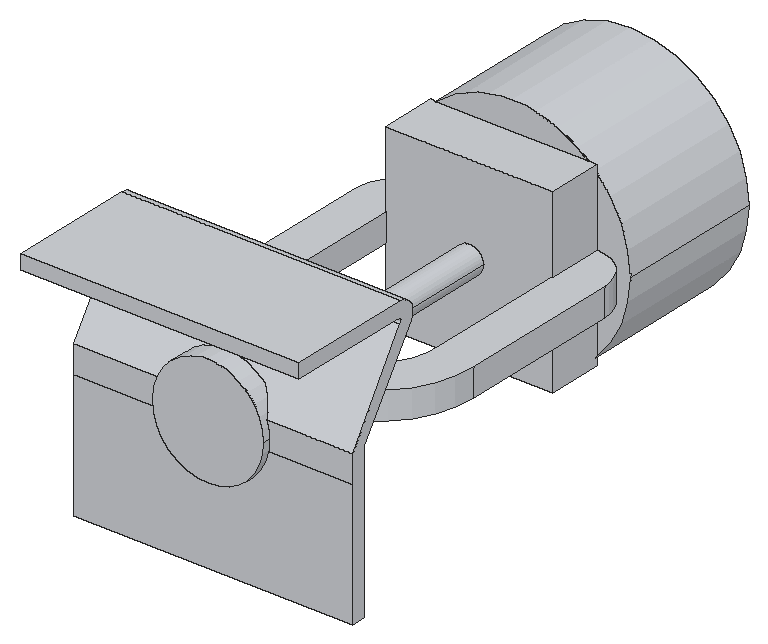
Revit family
Parameters (values of type "RASCO F1FR QREC EC9")
  Temperature Rating = 135 °F
  Response = 1
  RASCO SIN # = "R4862"
  RASCO Part # = "F1FREC90C"
  Pressure Rating = "300 PSI"
  Pressure Class = 1
  Orifice Size = 17/32"
  Orifice = (empty or 0)
  Model = "F1FR"
  Manufacturer = "RASCO"
  K-Factor = 8
  Description = "Chrome Finish"
  Coverage = 1
Reference planes (in)
  plane 1 "Center (Front/Back)": y = 0
  plane 2: z = 0
  plane 3 "Center (Left/Right)": x = 0
Dimensions and locks (in)
  aligned and locked: plane 2 to level
Nested families (in)
  nested 1: "RASCO- F1FREC90C" at (-4.13928, -0.61466, 0), type "RASCO F1FR OREC EC9"
Connectors (in)
  piping at (-4.15164, 0.73459, 1.25584)
    settings: on nested 1, index 1, connector radius 17/32", flow factor 0, pipe flow 0 GPM, pressure drop 0.00 psi, fitting loss kfactor 0, connector angle 0.00°, fixture units 0, flow configuration 0, flow direction 0, fitting loss method 0, system type 7, connector reference index -1, connector utility 0, adjustable connector no, is connector primary yes, fitting loss table "", connector description ""
Definition of nested family "RASCO- F1FREC90C"
  Parameters (values of type "RASCO F1FR OREC EC9")
    Type Comments = ""
    Temperature Rating = 0 °F
    Response = (empty or 0)
    Pressure Rating = "0"
    Pressure Class = (empty or 0)
    Orifice Size = 0"
    Orifice = (empty or 0)
    Model = ""
    Manufacturer = ""
    K-Factor = 0
    Description = ""
    Coverage = (empty or 0)
    Assembly Code = ""
  Reference planes (in)
    plane 1 "Center (Front/Back)": y = 0
    plane 2: z = 0
    plane 3 "ref.2": z = 0.6875
    plane 4 "ref.3": z = 0.9375
    plane 5: x = -0.38065
    plane 6: x = 0.36935
    plane 7 "ref. side 1": y = 0.06402
    plane 8 "ref. side 2": y = -0.06098
    plane 9 "ref.4": z = 1.875
    plane 10 "ref.5": z = 2.3125
    plane 11 "ref.6": z = 2.4375
    plane 12 "center": x = -0.00574
  Forms (in)
    Extrusion 1, solid
      sketch origin (-0.01236, 1.37309, 1.25584) x (-1, 0, 0) y (0, 0, -1)
        loop
          circle (0, 0) r 0.53125
      from 0.02383 to 0.6875
    Extrusion 2, solid
      sketch origin (0.10949, 0.68559, 1.20407) x (-1, 0, 0) y (0, 0, -1)
        loop
          line (-0.2588, 0.356) -> (-0.2588, -0.4565) -> (0.4912, -0.4565) -> (0.4912, 0.356) -> (-0.2588, 0.356)
      from 0 to 0.25
    Extrusion 3, solid
      sketch origin (-0.01236, 1.3722, 1.25584) x (-1, 0, 0) y (0, -1, 0)
        loop
          line (-0.38065, 0.68754) -> (-0.38065, 1.58397)
          arc (-0.38065, 1.58397) -> (-0.29541, 1.78976) -> (-0.08962, 1.875) r 0.29103
          line (-0.08962, 1.875) -> (0.07524, 1.875)
          arc (0.07524, 1.875) -> (0.28321, 1.78886) -> (0.36935, 1.58089) r 0.29411
          line (0.36935, 1.58089) -> (0.36935, 0.68751)
          arc (0.36935, 0.68751) -> (0.50207, 0.74393) -> (0.55685, 0.87734) r 0.18984
          line (0.55685, 0.87734) -> (0.55685, 1.61676)
          arc (0.55685, 1.61676) -> (0.42629, 1.93194) -> (0.11111, 2.0625) r 0.44574
          line (0.11111, 2.0625) -> (-0.12259, 2.0625)
          arc (-0.12259, 2.0625) -> (-0.43765, 1.932) -> (-0.56815, 1.61694) r 0.44556
          line (-0.56815, 1.61694) -> (-0.56815, 0.87876)
          arc (-0.56815, 0.87876) -> (-0.51345, 0.74486) -> (-0.38065, 0.68754) r 0.19126
      from -0.06402 to 0.06098
    Extrusion 4, solid
      sketch origin (-0.01236, 0.43559, 1.25584) x (1, 0, 0) y (0, 0, 1)
        loop
          circle (0.00574, -0.00152) r 0.0625
      from 0 to 0.9375
    Extrusion 5, solid
      sketch origin (-0.01236, -0.50191, 1.25584) x (1, 0, 0) y (0, 0, 1)
        loop
          circle (0.00574, -0.00152) r 0.1875
      from 0 to 0.4375
    Extrusion 6, solid
      sketch origin (-0.01236, -0.89954, 1.2504) x (-1, 0, 0) y (0, 0, 1)
        loop
          circle (-0.00574, -0.00245) r 0.25
      from -0.13498 to -0.03987
    Extrusion 7, solid
      sketch origin (-0.00662, 1.2679, 1.26334) x (0, -1, 0) y (0, 0, 1)
        loop
          line (2.27263, -0.06402) -> (2.27263, 0.06098) -> (2.00466, 0.4658)
          arc (2.00466, 0.4658) -> (2.00382, 0.48409) -> (2.01953, 0.49348) r 0.01783
          line (2.01953, 0.49348) -> (2.57559, 0.49348) -> (2.57559, 0.55848) -> (2.00257, 0.55848)
          arc (2.00257, 0.55848) -> (1.94355, 0.52319) -> (1.9467, 0.4545) r 0.067
          line (1.9467, 0.4545) -> (2.20719, 0.06098) -> (2.20719, -0.62964) -> (2.27263, -0.62964) -> (2.27263, -0.06402)
      from -0.62515 to 0.62904
  Cuts and joins
    joined: Extrusion 1, Extrusion 2, Extrusion 4
